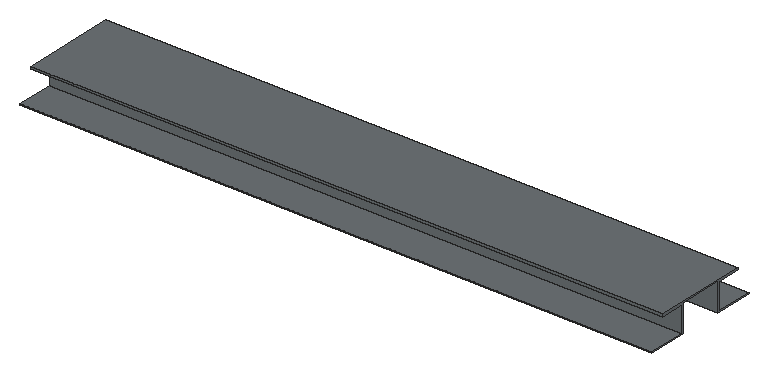
Revit family "BIMLIB_ПланкаНОбразнаяЭкобрус_GRANDLINE", category Обобщенные модели, Revit 2017
Family settings
  Может служить основой для арматурных стержней = Нет
  Размер круглого соединителя = Использовать диаметр
  Тип детали = Нормальный
  При загрузке вырезать с полостями = Нет
  Общий = Нет
  Точка расчета площади = Нет
Parameters (values of type "Н-образная планка")
  Смещение от плоскости [instance] = 0 mm
  Описание = ADSK_Наименование  # "Н-образная планка ЭкоБрус GL"
  Изготовитель = "Grand Line"  # constant formula
  built-in parameter 1001306 [instance] = 500 mm
  Watermark [instance] = "Модели защищены уникальным кодом"
  URL = "https://www.grandline.ru"
  BL_Разработано = "support@bimlib.pro"
  BL_Email = "info@grandline.ru"
  BL_BIM library = "https://bimlib.pro/manufacturer/company/22430"
  ADSK_Размер_Длина [instance] = [built-in parameter 1001306]  # 500 mm
  ADSK_Обозначение = "ГОСТ 19904-90, ГОСТ 14918-80"
  ADSK_Наименование = "Н-образная планка ЭкоБрус GL"
  ADSK_Материал тип подсчета = 1  # constant formula
  ADSK_Материал = GL_Drap_RAL7016
  ADSK_Масса_Текст [instance] = ""
  ADSK_Масса [instance] = 0
  ADSK_Марка = ""
  ADSK_Количество [instance] = if(ADSK_Материал тип подсчета = 0, 1, if(ADSK_Материал тип подсчета = 1, ADSK_Размер_Длина / 1000 mm, 0))  # 0.5
  ADSK_Код изделия = "M19.100.01"  # constant formula
  ADSK_Завод-изготовитель = "Grand Line"  # constant formula
  ADSK_Единица измерения = "м"  # constant formula
  ADSK_Группирование = "Доборные элементы"  # constant formula
  ADSK_Версия Revit = "2017"  # constant formula
  ADSK_URL страницы изделия = "https://www.grandline.ru/planka-h-obraznaya-ekobrus-0-5-satin-s-plenkoy-ral-1015-svetlaya-slonovaya-kost-233137.html"
  ADSK_URL документации изделия = "https://www.grandline.ru/uploads/files/met_siding/ekobrus/chert/dobor/Hpl.jpg"
Reference planes
  plane 1 "По центру (Вперед/Назад)": y = 0
  plane 2: z = 0
  plane 3 "Слева": x = 0
  plane 4 "Справа": x = 500
Forms (mm)
  Sweep 1, solid, material "GL_Drap_RAL7016" <- "ADSK_Материал"
    path in 3D
      loop
        line (0, 0, 0) -> (500, 0, 0)
    profile "Профиль_ПланкаНОбразнаяЭкобрус : Профиль" origin (250, 0, 0) x (0, 1, 0) y (0, 0, 1)
      loop
        line (-47.5, 0.8) -> (-47.5, 0) -> (-17.5, 0) -> (-17.5, 22) -> (17.5, 22) -> (17.5, 0) -> (47.5, 0) -> (47.5, 0.8) -> (18.3, 0.8) -> (18.3, 21.2) -> (37.5, 21.2) -> (37.5, 22.8) -> (-37.5, 22.8) -> (-37.5, 21.2) -> (-18.3, 21.2) -> (-18.3, 0.8) -> (-47.5, 0.8)
Lines and regions (mm)
  reference lines
    curve 1: line (0, 0, 0) -> (500, 0, 0)
  sketch lines
    curve 2: line (0, 0, 0) -> (500, 0, 0)
Dimensions and locks
  "built-in parameter 1001306": plane 3 "Слева" to plane 4 "Справа"
  aligned and locked: plane 4 "Справа" to curve 1
  aligned and locked: plane 1 "По центру (Вперед/Назад)" to curve 1
  aligned and locked: plane 3 "Слева" to curve 1
  aligned and locked: level to plane 2
